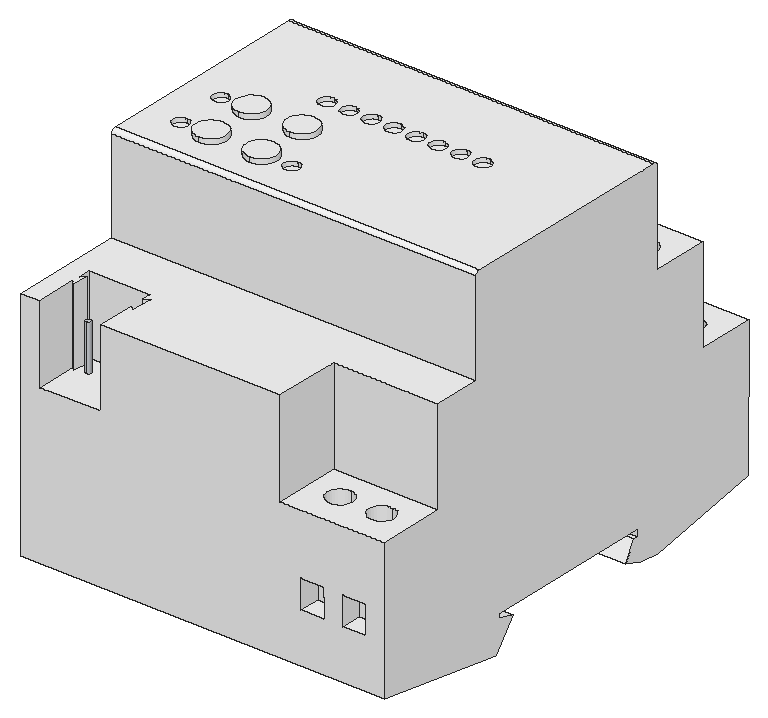
Revit family "Gira_104000", category Electrical Fixtures, host Face, Revit 2017
Family settings
  Host = Face
  Maintain Annotation Orientation = No
  Round Connector Dimension = Use Diameter
  Part Type = Normal
  Cut with Voids When Loaded = No
  Shared = No
  Room Calculation Point = No
Parameters (values of type "Swit.act. 2-g 16 A man.act. KNX DRA")
  With switch function = no
  URL = "https://www.gira.de/"
  Type Comments = ""
  Suitable for C-load = no
  Output voltage [Volt] = ""
  Output current [Ampere] = ""
  Number of outputs = 0
  Number of inputs = 0
  Number of binary inputs = 0
  Model = ""
  Max. number of venetian-blind outputs = 0
  Max. number of switching contacts = 0
  Manufacturer = "Gira"
  Local operation/hand operation = yes
  Keynote = ""
  HeinzeBIM = "https://www.heinze.de/bim/swit-act-2-g-16-a-man-act-knx-dra/39b9523d5bf61837385f41dbcf1c51630087c11a"
  HAN = "104000"
  GTIN = "4010337058359"
  Description = "Swit.act.2g 16A DRA KNX KNX switching actuator, 2-gang 16 A with manual actuation,DRA plus DRA switching actuators with integrated bus coupler. For switching independently controllable groups of loads. With manual switch for switching over the relay (On Off) parallel or without KNX operation. Multi-phase connection. No additional power supply required.,Features: - Manual actuation of the relay independent of the bus or switching position indication. - NO contact or NC contact operation. - Central switching function. - Group feedback for reduction of bus load. - Active or passive (object can be read out) cyclical feedback function. - Feedback can be delayed until after the recovery of bus voltage. - Logical linking function for each output. - Block function can be parameterised for each channel. As an alternative, forced setting function for each output. - Time functions (switch-on off delay, staircase light function – also with advance warning function). - Integration in light scenes is possible, eight internal scenes at the most can be parameterised per channel. - Memory function for light scenes. - Elapsed operating time meter as forward backward counter with limit function (limit can be changed via bus) can be activated for each output. - Input monitoring for cyclical updating with safety setting. - Reactions in case of bus voltage failure and restoration can be set for each channel following an ETS programming process. - Independent switching of the two outputs.,Notes : - Installation on DIN top-hat rail. - VDE approval in accordance with EN 60669-1, EN 60669-2-1."
  Default Elevation = 1219.2 mm
  Cost = 0
  Bus connection included = yes
  BIMSITE_PRODUCT_ID = "39b9523d5bf61837385f41dbcf1c51630087c11a"
  BIM = "https://media.live.bim.site/t/eyJhbGciOiJIUzI1NiIsInR5cCI6IkpXVCJ9.eyJjdCI6MSwidGYiOiJwdWJsaWMvZ2lyYS8wOWY1ZGI1L1JFRyA4Zi5yZmEiLCJjaWQiOiJmZWQ5OGU5YS0xYmQ4LTRjNjgtYTczYi03NGE5NGUzMTU4MjMiLCJyaWQiOiIzNDcyMWE4OWU5Y2U3YThkYzM3ODQ2YTJlNzg3MWE4NiIsInBpZCI6IjM5Yjk1MjNkNWJmNjE4MzczODVmNDFkYmNmMWM1MTYzMDA4N2MxMWEiLCJzaWQiOiI2MzQ3MCIsInV0Ijo1LCJsYyI6ImVuIiwiaWF0IjoxNjA3NDMxMjM0LCJpc3MiOiJodHRwczovL2FwaS5saXZlLmJpbS5zaXRlIiwic3ViIjoiOGQzYWE1Y2ItZTA2Ni00NTk4LWJlMTYtNmUxNmVlNzQ5NTZhIn0.zKIBLnMxPf9rLVmDaFU9n-Ag0vRy-oSQ_sGr0dsALvc/REG 8f.rfa"
  Assembly Code = ""
Reference planes
  plane 1 "Center (Front/Back)": y = 0
  plane 2: z = 0
  plane 3 "Center (Left/Right)": x = 0
Forms (mm)
  Extrusion 1, solid, material "White", detail levels fine
    sketch origin (0, 0, 0) x (0, 1, 0) y (0, 0, 1)
      loop
        line (45.125, -2.619) -> (45.125, 24.95) -> (33.875, 24.95) -> (33.875, 43.8) -> (22.575, 43.8) -> (22.575, 62.05)
        arc (22.575, 62.05) -> (22.311, 62.686) -> (21.675, 62.95) r 0.9
        line (21.675, 62.95) -> (-21.175, 62.95)
        arc (-21.175, 62.95) -> (-21.785, 62.758) -> (-22.175, 62.25) r 1.064
        line (-22.175, 62.25) -> (-22.175, 43.8) -> (-44.725, 43.8) -> (-44.725, -2.619)
        arc (-44.725, -2.619) -> (-31.081, -5.433) -> (-17.243, -7.049) r 160
        line (-17.243, -7.049) -> (-13.165, -1.734) -> (-16.399, -0.807) -> (-16.399, 0) -> (17.8, 0) -> (17.8, -1.4) -> (16.8, -1.4) -> (14.749, -4.952)
        arc (14.749, -4.952) -> (18.64, -6.184) -> (22.7, -6.6) r 20
        arc (22.7, -6.6) -> (33.983, -5.009) -> (45.125, -2.619) r 160
    from -36 to 36
  Extrusion 2, void, detail levels fine
    sketch origin (0, 0, 0) x (1, 0, 0) y (0, 1, 0)
      loop
        circle (30, 26.925) r 2.55
      loop
        circle (21.75, 26.925) r 2.55
      loop
        circle (12.75, 26.925) r 2.55
      loop
        circle (4.5, 26.925) r 2.55
      loop
        circle (-4.5, 26.925) r 2.55
      loop
        circle (-12.75, 26.925) r 2.55
      loop
        circle (-21.75, 26.925) r 2.55
      loop
        circle (-30, 26.925) r 2.55
    from 37.936 to 43.8
  Extrusion 3, void, detail levels fine
    sketch origin (0, 11.25, -18.85) x (1, 0, 0) y (0, 1, 0)
      loop
        circle (30, 26.925) r 2.55
      loop
        circle (21.75, 26.925) r 2.55
      loop
        circle (12.75, 26.925) r 2.55
      loop
        circle (4.5, 26.925) r 2.55
      loop
        circle (-4.5, 26.925) r 2.55
      loop
        circle (-12.75, 26.925) r 2.55
      loop
        circle (-21.75, 26.925) r 2.55
      loop
        circle (-30, 26.925) r 2.55
    from 37.936 to 43.8
  Extrusion 4, void, detail levels fine
    sketch origin (0, 0, 0) x (1, 0, 0) y (0, 1, 0)
      loop
        circle (-13, -3.875) r 3
      loop
        circle (-23, -3.875) r 3
      loop
        circle (-23, -13.875) r 3
      loop
        circle (-13, -13.875) r 3
      loop
        circle (-29, -3.875) r 1.575
      loop
        circle (-29, -13.875) r 1.575
      loop
        circle (-7, -13.875) r 1.575
      loop
        circle (-15.4, 5.325) r 1.625
      loop
        circle (-11, 5.325) r 1.575
      loop
        circle (-6.6, 5.325) r 1.625
      loop
        circle (-2.2, 5.325) r 1.625
      loop
        circle (2.2, 5.325) r 1.625
      loop
        circle (6.6, 5.325) r 1.625
      loop
        circle (11, 5.325) r 1.575
      loop
        circle (15.4, 5.325) r 1.625
    from 58.253 to 62.95
  Extrusion 5, void, detail levels fine
    sketch origin (0, 0, 0) x (1, 0, 0) y (0, 1, 0)
      loop
        line (-32.175, -32.6) -> (-32.175, -34.9) -> (-31.24, -34.36) -> (-31.401, -37.165) -> (-32.175, -36.7) -> (-32.175, -44.875) -> (-20.175, -44.875) -> (-20.175, -37.33) -> (-19.075, -37.965) -> (-19.075, -33.635) -> (-20.175, -34.27) -> (-20.175, -32.6) -> (-32.175, -32.6)
    from 28.5 to 43.8
  Extrusion 6, solid, detail levels fine
    sketch origin (0, 0, 0) x (1, 0, 0) y (0, 1, 0)
      loop
        circle (-29.375, -36.2) r 0.5
      loop
        circle (-23.575, -36.2) r 0.5
    from 28.5 to 37.5
  Extrusion 7, void, detail levels fine
    sketch origin (0, 0, 0) x (1, 0, 0) y (0, 1, 0)
      loop
        line (15.289, -31.489) -> (15.289, -44.875) -> (36, -44.875) -> (36, -31.489) -> (15.289, -31.489)
    from 25 to 43.8
  Extrusion 8, void, detail levels fine
    sketch origin (0, 0, 0) x (1, 0, 0) y (0, 1, 0)
      loop
        circle (21.75, -37.925) r 2.55
      loop
        circle (30, -37.925) r 2.55
    from 19.086 to 24.95
  Extrusion 9, void, detail levels fine
    sketch origin (0, 0, 0) x (1, 0, 0) y (0, 0, 1)
      loop
        line (32.368, 26.75) -> (32.35, 28.865) -> (32.319, 32.45) -> (27.731, 32.45) -> (27.682, 26.75) -> (32.368, 26.75)
      loop
        line (24.118, 26.75) -> (24.1, 28.865) -> (24.069, 32.45) -> (19.481, 32.45) -> (19.432, 26.75) -> (24.118, 26.75)
      loop
        line (15.118, 26.75) -> (15.1, 28.865) -> (15.069, 32.45) -> (10.481, 32.45) -> (10.432, 26.75) -> (15.118, 26.75)
      loop
        line (6.868, 26.75) -> (6.85, 28.865) -> (6.819, 32.45) -> (2.231, 32.45) -> (2.182, 26.75) -> (6.868, 26.75)
      loop
        line (-2.182, 26.75) -> (-2.2, 28.865) -> (-2.231, 32.45) -> (-6.819, 32.45) -> (-6.868, 26.75) -> (-2.182, 26.75)
      loop
        line (-10.432, 26.75) -> (-10.45, 28.865) -> (-10.481, 32.45) -> (-15.069, 32.45) -> (-15.118, 26.75) -> (-10.432, 26.75)
      loop
        line (-19.35, 26.75) -> (-19.369, 28.865) -> (-19.4, 32.45) -> (-23.987, 32.45) -> (-24.037, 26.75) -> (-19.35, 26.75)
      loop
        line (-27.682, 26.75) -> (-27.7, 28.865) -> (-27.731, 32.45) -> (-32.319, 32.45) -> (-32.368, 26.75) -> (-27.682, 26.75)
    from -29.206 to -33.875
  Extrusion 10, void, detail levels fine
    sketch origin (0, 11.25, -19.567) x (1, 0, 0) y (0, 0, 1)
      loop
        line (32.368, 26.75) -> (32.35, 28.865) -> (32.319, 32.45) -> (27.731, 32.45) -> (27.682, 26.75) -> (32.368, 26.75)
      loop
        line (24.118, 26.75) -> (24.1, 28.865) -> (24.069, 32.45) -> (19.481, 32.45) -> (19.432, 26.75) -> (24.118, 26.75)
      loop
        line (15.118, 26.75) -> (15.1, 28.865) -> (15.069, 32.45) -> (10.481, 32.45) -> (10.432, 26.75) -> (15.118, 26.75)
      loop
        line (6.868, 26.75) -> (6.85, 28.865) -> (6.819, 32.45) -> (2.231, 32.45) -> (2.182, 26.75) -> (6.868, 26.75)
      loop
        line (-2.182, 26.75) -> (-2.2, 28.865) -> (-2.231, 32.45) -> (-6.819, 32.45) -> (-6.868, 26.75) -> (-2.182, 26.75)
      loop
        line (-10.432, 26.75) -> (-10.45, 28.865) -> (-10.481, 32.45) -> (-15.069, 32.45) -> (-15.118, 26.75) -> (-10.432, 26.75)
      loop
        line (-19.35, 26.75) -> (-19.369, 28.865) -> (-19.4, 32.45) -> (-23.987, 32.45) -> (-24.037, 26.75) -> (-19.35, 26.75)
      loop
        line (-27.682, 26.75) -> (-27.7, 28.865) -> (-27.731, 32.45) -> (-32.319, 32.45) -> (-32.368, 26.75) -> (-27.682, 26.75)
    from -29.206 to -33.875
  Extrusion 11, void, detail levels fine
    sketch origin (0, 0, 0) x (1, 0, 0) y (0, 0, 1)
      loop
        line (32.319, 12.883) -> (27.731, 12.883) -> (27.682, 7.183) -> (32.368, 7.183) -> (32.35, 9.298) -> (32.319, 12.883)
      loop
        line (24.069, 12.883) -> (19.481, 12.883) -> (19.432, 7.183) -> (24.118, 7.183) -> (24.1, 9.298) -> (24.069, 12.883)
    from 40.588 to 44.725
  Extrusion 12, solid, material "White", detail levels fine
    sketch origin (0, 0, 0) x (1, 0, 0) y (0, 1, 0)
      loop
        circle (-15.4, 5.325) r 1.625
      loop
        circle (-11, 5.325) r 1.575
      loop
        circle (-6.6, 5.325) r 1.625
      loop
        circle (-2.2, 5.325) r 1.625
      loop
        circle (2.2, 5.325) r 1.625
      loop
        circle (6.6, 5.325) r 1.625
      loop
        circle (11, 5.325) r 1.575
      loop
        circle (15.4, 5.325) r 1.625
      loop
        circle (-29, -3.875) r 1.575
      loop
        circle (-29, -13.875) r 1.575
      loop
        circle (-7, -13.875) r 1.575
    from 58.253 to 62.25
  Extrusion 13, solid, material "White", detail levels fine
    sketch origin (0, 0, 0) x (1, 0, 0) y (0, 1, 0)
      loop
        circle (-23, -3.875) r 3
      loop
        circle (-13, -3.875) r 3
      loop
        circle (-23, -13.875) r 3
      loop
        circle (-13, -13.875) r 3
    from 58.253 to 63.841
  Extrusion 14, solid, material "White", detail levels medium
    sketch origin (0, 0, 0) x (0, 1, 0) y (0, 0, 1)
      loop
        line (45.125, -7.049) -> (45.125, 24.95) -> (33.875, 24.95) -> (33.875, 43.8) -> (22.575, 43.8) -> (22.575, 63.841) -> (-22.175, 63.841) -> (-22.175, 43.8) -> (-44.725, 43.8) -> (-44.725, -7.049) -> (45.125, -7.049)
    from -36 to 36
  Extrusion 15, solid, material "White", detail levels coarse
    sketch origin (0, 0, 0) x (0, 1, 0) y (0, 0, 1)
      loop
        line (45.125, -7.049) -> (45.125, 63.841) -> (-44.725, 63.841) -> (-44.725, -7.049) -> (45.125, -7.049)
    from -36 to 36
Cuts and joins
  Extrusion 2, Extrusion 3, Extrusion 4, Extrusion 5, Extrusion 7, Extrusion 8, Extrusion 9, Extrusion 10, Extrusion 11 cuts Extrusion 1
Dimensions and locks
  aligned and locked: plane 2 to host face
  aligned and locked: level to host face
